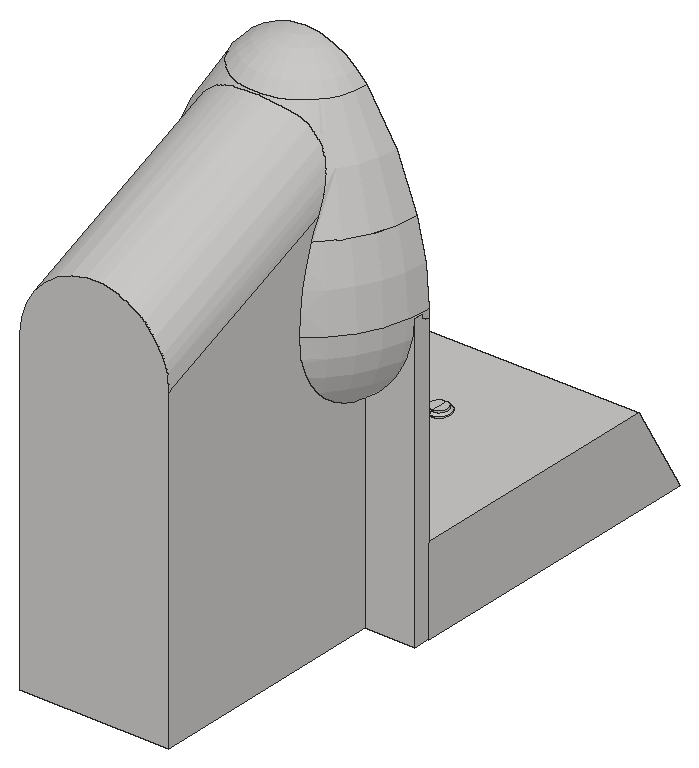
Revit family "LR3334-T-2", category Plumbing Fixtures, host Face, Revit 2018
Family settings
  Host = Face
  Round Connector Dimension = Use Diameter
  Part Type = Normal
  OmniClass Number = 23.45.05.21.11.11
  OmniClass Title = Water Operated Water Closets
  Cut with Voids When Loaded = No
  Shared = Yes
  Room Calculation Point = No
Parameters (values of type "LR3334-T-2")
  Width = 14 1/4"  # constant formula
  Waste Connection = yes
  Warranty Documentation Link = "www.acorneng.com/terms-and-conditions"
  WFU = 10
  W - Wall (Concealed) = no
  Voltage = 0
  Vent Connection = no
  URL = "www.acorneng.com"
  Type Comments = ""
  Thickness / Type:  Concrete Block  Steel = no
  Tempered Water Connection = no
  TWE Toilet Waste Extension (-PE & Rear Mount Only) Specify Length Beyond Fixture: = no
  TSC - Toilet Shipping Cover = no
  TF Transformer, 120VAC to 24VAC (-MVCFV option) = no
  T - Top (Exposed) = yes
  Product Page URL = "https://www.acorneng.com/replacement-lig-res-ss-blowout-jet-toilet-lr3334-series"
  Product Documentation Link = "https://www.acorneng.com/uploads/fileLibrary/LR3334.pdf"
  PE Plain End Waste (Only w/ Rear Mount) = no
  PC Pinned Cleanout Plug (-PE & Rear Mount Only) = no
  Model = "LR3334-T-2"  # constant formula
  Material = Metal Acorn 304 Stainless Steel
  Manufacturer = "Acorn"  # constant formula
  MVCFV - Time-Trol Electronic FV (N/A for Top Supply) = no
  MTPFV Master-Trol® PLUS Electronic Flush Valve (N/A for Top Supply) = no
  Length = 29"  # constant formula
  LR3334 Blowout Jet Toilet (Rear Mounted Replacement) = yes
  Installation Type = "Wall Mounted"  # constant formula
  Inlet Diameter Connection = 1 1/2"
  Height = 15"  # constant formula
  HWFU = 0
  HW Connection = yes
  HPS - High Polish Integral Seat = no
  FVT - Flush Valve Thru Wall Connection = no
  FVH - Flush Valve, Hydraulic (N/A for Top Supply) = no
  FVBO - Flush Valve by Others = no
  FV - Flush Valve, Mechanical (N/A for ADA) = no
  FTE - Flood-Trol, Electronic = no
  FTA - Flood-Trol Auto-Reset (N/A for Top Supply) = no
  FT - Flood-Trol (N/A for Top Supply) = no
  EVSFV - Master-Trol Flush Valve (N/A for Top Supply) = no
  EGE Enviro-Glaze Color Specify: Toilet Exterior Only = no
  EG Enviro-Glaze Color Specify: Toilet Interior & Exterior = no
  Description = "Ligature Resistant Jet Toilet- On The Floor Replacement"
  Default Elevation = 15"
  Creation Date = "4/02/20"  # constant formula
  Connection Size = 2 3/8"
  CWFU = 10
  CW Connection = yes
  COH Cleanout Hook Assembly (-PE & Rear Mount Only) = no
  CO1-3 Cleanout w/ O-Ring Connecting to No-Hub 3” (Plain End) = no
  CO1 Cleanout w/ O-Ring Connecting to No-Hub 4" (Plain End) = no
  CI - Cycle Interrupt for Time-Trol Valves = no
  Assembly Code = "D2010110"
  Amperage = 0
  ADA - 18" Integral Seat Height = no
  3395 - Toilet Anchoring Assembly = no
  2 On-Floor, Wall Outlet = yes
  1.6 GPF (Not Available in California) = no
  1.28 GPF (HET) = no
Reference planes (in)
  plane 1 "Center (Front/Back)": y = 0
  plane 2: z = 0
  plane 3 "Center (Left/Right)": x = 0
  plane 4: y = -15
  plane 5: x = 0
  plane 6: z = 29
  plane 7: x = 7.125
  plane 8: x = -7.125
  plane 9: y = -1
  plane 10: z = -2.75
  plane 11: z = 2.75
  plane 12: z = 5
  plane 13: y = 17.875
  plane 14: y = 15
  plane 15: y = 9.60984
  plane 16: y = 3.75
  plane 17: y = -9.5
  plane 18: x = 4.75
  plane 19: y = 11.5
  plane 20: z = 0.03125
  plane 21: through (0, -15, 22.4608) normal (0, 0.3746, -0.9272)
  plane 22: x = 4.25
Forms (in)
  Revolve 1, solid, material "Metal Acorn 304 Stainless Steel" <- "Material"
    sketch origin (0, 0, 5.22285) x (0, 0, 1) y (1, 0, 0)
      loop
        arc (23.77518, 0) -> (23.24235, 1.99002) -> (21.9104, 3.56163) r 4.70501
        arc (21.9104, 3.56163) -> (19.20724, 5.25341) -> (16.25005, 6.44679) r 18.17867
        arc (16.25005, 6.44679) -> (14.01185, 6.95256) -> (11.72371, 7.125) r 15.62236
        arc (11.72371, 7.125) -> (8.08494, 5.94665) -> (5.83826, 2.85123) r 6.17476
        line (5.83826, 2.85123) -> (5.83826, 0) -> (23.77518, 0)
      axis (23.77518, 0) -> (5.83826, 0)
    angle from 0 to 180
  Revolve 2, void
    sketch origin (0, 0, 0) x (1, 0, 0) y (0, 0, 1)
      loop
        arc (1.65286, 26.13963) -> (0.96864, 26.90371) -> (0, 27.24091) r 2.05081
        line (0, 27.24091) -> (0, 13.45189)
        arc (0, 13.45189) -> (2.33411, 14.04523) -> (3.95651, 15.8251) r 4.192
        arc (3.95651, 15.8251) -> (4.49156, 17.85334) -> (4.23669, 19.93543) r 5.55736
        arc (4.23669, 19.93543) -> (3.07351, 23.09114) -> (1.65286, 26.13963) r 40.55651
      axis (0, 13.45189) -> (0, 27.24091)
    angle from 0 to 360
  Extrusion 3, solid, material "Metal Acorn 304 Stainless Steel" <- "Material"
    sketch origin (-14.37107, -32.5, 1.94576) x (1, 0, 0) y (0, 0, -1)
      loop
        line (7.25633, 1.94576) -> (7.25633, -14.9902) -> (7.29175, -14.9902)
        arc (7.29175, -14.9902) -> (14.33351, -9.25679) -> (21.43313, -14.9184) r 7.23626
        line (21.43313, -14.9184) -> (21.47799, -14.9184) -> (21.47799, 1.94576) -> (7.25633, 1.94576)
    from 31.5 to 32.5
  Extrusion 4, solid, material "Metal Acorn 304 Stainless Steel" <- "Material", visible <- "W - Wall (Concealed)"
    sketch origin (0, 0, 0) x (0, 1, 0) y (0, 0, 1)
      loop
        line (0, 3.7499) -> (0, 0) -> (3.7499, 0) -> (0, 3.7499)
    from -7.125 to 7.125
  Revolve 5, solid, material "Metal Acorn 304 Stainless Steel" <- "Material"
    sketch origin (0, 0, -0.125) x (0, 1, 0) y (0, 0, 1)
      loop
        line (0.40854, 2.875) -> (0, 2.875) -> (0, 1.875) -> (0.22395, 1.875) -> (0.22395, 2.04586) -> (0.28612, 2.04586) -> (0.28612, 2.29586) -> (0.40854, 2.29586) -> (0.40854, 2.875)
      axis (0.40854, 2.875) -> (0, 2.875)
    angle from 0 to 360
  Extrusion 6, solid, material "Metal Acorn 304 Stainless Steel" <- "Material", visible <- "T - Top (Exposed)"
    sketch origin (0, 0, 0) x (0, 1, 0) y (0, 0, 1)
      loop
        line (0, 0) -> (17.88675, 0) -> (15, 5) -> (0, 5) -> (0, 0)
    from -7.125 to 7.125
  Revolve 7, solid, material "Metal Acorn 304 Stainless Steel" <- "Material", visible <- "T - Top (Exposed)"
    sketch origin (0, 6.70099, 3.05319) x (0, 1, 0) y (0, 0, 1)
      loop
        line (2.90884, 2.19681) -> (2.90884, 1.94681) -> (3.57498, 1.94681) -> (3.57498, 1.99707) -> (3.41686, 2.13714) -> (3.41686, 2.19681) -> (2.90884, 2.19681)
      axis (2.90884, 2.19681) -> (2.90884, 1.94681)
    angle from 0 to 360
  Extrusion 8, solid, not visible
    sketch origin (0, 0, 0) x (1, 0, 0) y (0, 1, 0)
      loop
        circle (0, -9.5) r 1.1875
      loop
        circle (4.75, 11.5) r 0.5
    from 0 to 0.03125
  Blend 9, solid, material "Metal Acorn 304 Stainless Steel" <- "Material"
    base sketch origin (0, 0, 5.22285) x (0, 0, 1) y (1, 0, 0)
      loop
        line (18.64113, 4.25308) -> (-5.22285, 4.25308) -> (-5.22285, -4.25308) -> (18.64113, -4.25308)
        arc (18.64113, -4.25308) -> (22.89421, 0) -> (18.64113, 4.25308) r 4.25308
    top sketch origin (0, 0, 5.22285) x (0, 0, 1) y (1, 0, 0)
      loop
        line (12.98488, 4.25308) -> (-5.22285, 4.25308) -> (-5.22285, -4.25308) -> (12.98488, -4.25308)
        arc (12.98488, -4.25308) -> (17.23796, 0) -> (12.98488, 4.25308) r 4.25308
    from -1 to -15
Cuts and joins
  joined: Extrusion 6, Revolve 7
  Revolve 2 cuts Revolve 1
  Revolve 2 cuts Blend 9
  joined: Revolve 1, Extrusion 3, Blend 9
Lines and regions (in)
  Masking region 1
    outline origin (-14.37107, -32.5, 1.94576) x (1, 0, 0) y (0, 0, -1)
      loop
        line (21.47799, -14.22223) -> (21.47799, 1.94576) -> (7.25633, 1.94576) -> (7.25633, -15.5408)
        arc (7.25633, -15.5408) -> (7.46084, -17.55566) -> (7.92428, -19.52714) r 15.62236
        arc (7.92428, -19.52714) -> (9.11766, -22.48433) -> (10.80943, -25.18748) r 18.17867
        arc (10.80943, -25.18748) -> (12.38105, -26.51944) -> (14.37107, -27.05227) r 4.70501
        arc (14.37107, -27.05227) -> (16.36109, -26.51944) -> (17.9327, -25.18748) r 4.70501
        arc (17.9327, -25.18748) -> (19.62448, -22.48433) -> (20.81786, -19.52714) r 18.17867
        arc (20.81786, -19.52714) -> (21.37652, -16.90313) -> (21.47799, -14.22223) r 15.62236
  symbolic lines, detail levels medium+fine
    curve 1: arc (4.23669, -32.5, 19.93543) -> (3.07351, -32.5, 23.09114) -> (1.65286, -32.5, 26.13963) r 40.55651
    curve 2: arc (1.65286, -32.5, 26.13963) -> (0.96864, -32.5, 26.90371) -> (0, -32.5, 27.24091) r 2.05081
    curve 3: arc (0, -32.5, 27.24091) -> (-0.96864, -32.5, 26.90371) -> (-1.65286, -32.5, 26.13963) r 2.05081
    curve 4: arc (-1.65286, -32.5, 26.13963) -> (-3.07351, -32.5, 23.09114) -> (-4.23669, -32.5, 19.93543) r 40.55651
    curve 5: arc (-4.23669, -32.5, 19.93543) -> (-4.49156, -32.5, 17.85334) -> (-3.95651, -32.5, 15.8251) r 5.55736
    curve 6: arc (-3.95651, -32.5, 15.8251) -> (-2.33411, -32.5, 14.04523) -> (0, -32.5, 13.45189) r 4.192
    curve 7: arc (0, -32.5, 13.45189) -> (2.33411, -32.5, 14.04523) -> (3.95651, -32.5, 15.8251) r 4.192
    curve 8: arc (3.95651, -32.5, 15.8251) -> (4.49156, -32.5, 17.85334) -> (4.23669, -32.5, 19.93543) r 5.55736
  symbolic lines, visible <- "T - Top (Exposed)", detail levels medium+fine
    curve 9: line (7.125, -32.5, 5) -> (-7.125, -32.5, 5)
  symbolic lines, visible <- "W - Wall (Concealed)", detail levels medium+fine
    curve 10: line (7.125, -32.5, 3.7499) -> (-7.125, -32.5, 3.7499)
Dimensions and locks (in)
  Revolve 1 to plane 4 = 15"
  equal spacing: plane 7, plane 3 "Center (Left/Right)", plane 8
  plane 7 to plane 8 = 14 1/4"
  locked: plane 13 to plane 1 "Center (Front/Back)" at 17.875
  locked: plane 14 to plane 1 "Center (Front/Back)" at 15
  locked: plane 12 to host face at 5
  plane 16 to plane 4 = 18 3/4"
  locked: plane 20 to level at 0.03125
  locked: plane 3 "Center (Left/Right)" to plane 22 at 4.25
  plane 4 to plane 17 = 5 1/2"
  plane 1 "Center (Front/Back)" to plane 19 = 11 1/2"
  Revolve 7 sketch curve to Revolve 7 sketch curve = 0.04467"
  diameter of Extrusion 8 sketch curve = 2 3/8"
  angle Extrusion 6 sketch curve to Extrusion 6 sketch curve = 60.00°
  angle plane 4 to plane 21 = 68.00°
  aligned and locked: plane 2 to host face
  aligned and locked: level to host face
  aligned and locked: plane 5 to Revolve 1 sketch curve  (x2)
  aligned and locked: Extrusion 3 to plane 1 "Center (Front/Back)"
  aligned and locked: plane 12 to Extrusion 6 sketch curve
  aligned and locked: Extrusion 6 sketch curve to plane 1 "Center (Front/Back)"
  aligned and locked: plane 14 to Extrusion 6 sketch curve
  aligned and locked: host face to Extrusion 6 sketch curve
  aligned and locked: plane 3 "Center (Left/Right)" to Revolve 7
  aligned and locked: plane 3 "Center (Left/Right)" to Revolve 5
  aligned and locked: host face to Masking region 1 sketch curve
  aligned and locked: Extrusion 8 to level
  aligned and locked: plane 20 to Extrusion 8
Automatic sketch dimensions
  host sketch curve to host sketch curve = 96"  (x2)
  Revolve 1 sketch curve to plane 7 = 0"  (x2)
  Revolve 1 sketch curve to plane 11 = 8.31111"
  Revolve 1 sketch curve to plane 8 = 3.81766"
  Revolve 1 sketch curve to Revolve 1 sketch curve = 5.11361"
  Revolve 1 sketch curve to plane 8 = 1.37234"
  Revolve 1 sketch curve to Revolve 1 sketch curve = 0.74503"
  plane 3 "Center (Left/Right)" to Revolve 1 sketch curve = 0.95025"
  Revolve 1 sketch curve to Revolve 1 sketch curve = 5.87486"
  Revolve 1 sketch curve to plane 3 "Center (Left/Right)" = 0.19237"
  Revolve 1 sketch curve to plane 6 = 4.70305"
  Revolve 1 sketch curve to plane 6 = 0.00197"
  Revolve 1 sketch curve to Revolve 1 sketch curve = 0"
  plane 6 to Revolve 1 sketch curve = 2.23409"
  Revolve 1 sketch curve to Revolve 1 sketch curve = 2.07495"
  Revolve 2 sketch curve to plane 3 "Center (Left/Right)" = 0"  (x2)
  Revolve 2 sketch curve to plane 3 "Center (Left/Right)" = 0.1685"
  Revolve 2 sketch curve to plane 3 "Center (Left/Right)" = 1.05293"
  Revolve 2 sketch curve to plane 11 = 4.7489"
  Revolve 2 sketch curve to plane 8 = 27.24094"
  plane 3 "Center (Left/Right)" to Revolve 2 sketch curve = 0.17781"
  Revolve 2 sketch curve to plane 11 = 10.70189"
  Revolve 2 sketch curve to Revolve 2 sketch curve = 4.18823"
  Revolve 2 sketch curve to Revolve 2 sketch curve = 0.59116"
  Revolve 2 sketch curve to plane 6 = 3.80297"
  Revolve 2 sketch curve to plane 6 = 1.75909"
  Revolve 2 sketch curve to Revolve 2 sketch curve = 0"  (x2)
  plane 6 to Revolve 2 sketch curve = 1"
  Revolve 2 sketch curve to Revolve 2 sketch curve = 1"
  Extrusion 4 sketch curve to plane 1 "Center (Front/Back)" = 0"
  Extrusion 4 sketch curve to level = 0"
  Revolve 5 sketch curve to plane 1 "Center (Front/Back)" = 0"
  plane 11 to Revolve 5 sketch curve = 0"  (x2)
  Revolve 5 sketch curve to plane 1 "Center (Front/Back)" = 0.22395"
  Revolve 5 sketch curve to Revolve 5 sketch curve = 0.06217"
  Revolve 5 sketch curve to Revolve 5 sketch curve = 0.12242"
  plane 11 to Revolve 5 sketch curve = 0.57914"
  Revolve 5 sketch curve to Revolve 5 sketch curve = 1/4"
  Revolve 5 sketch curve to Revolve 5 sketch curve = 0.17086"
  Revolve 5 sketch curve to Revolve 5 sketch curve = 0.1698"
  Revolve 5 sketch curve to Revolve 5 sketch curve = 1 1/4"
  Extrusion 3 sketch curve to plane 7 = 0.01808"
  plane 8 to Extrusion 3 sketch curve = 0.04568"
  Extrusion 3 sketch curve to plane 3 "Center (Left/Right)" = 0.00081"
  Extrusion 3 sketch curve to plane 7 = 0.06293"
  Extrusion 3 sketch curve to plane 6 = 12.13584"
  Extrusion 3 sketch curve to Extrusion 3 sketch curve = 0.0718"
  plane 8 to Extrusion 3 sketch curve = 0.01026"
  Extrusion 3 sketch curve to level = 0"
  Masking region 1 sketch curve to plane 6 = 11.51344"
  plane 7 to Masking region 1 sketch curve = 1.37234"
  Masking region 1 sketch curve to Masking region 1 sketch curve = 0.75176"
  plane 8 to Masking region 1 sketch curve = 0.67821"
  Masking region 1 sketch curve to plane 8 = 1.37234"
  Masking region 1 sketch curve to Masking region 1 sketch curve = 0.5668"
  Masking region 1 sketch curve to plane 7 = 0.67821"
  Masking region 1 sketch curve to Masking region 1 sketch curve = 2 57/128"
  plane 3 "Center (Left/Right)" to Masking region 1 sketch curve = 3.56163"
  Masking region 1 sketch curve to Masking region 1 sketch curve = 0"  (x4)
  Masking region 1 sketch curve to plane 3 "Center (Left/Right)" = 0"
  Masking region 1 sketch curve to plane 3 "Center (Left/Right)" = 0.19237"
  plane 3 "Center (Left/Right)" to Masking region 1 sketch curve = 0.19237"
  Masking region 1 sketch curve to plane 6 = 1.86676"
  Masking region 1 sketch curve to Masking region 1 sketch curve = 3.83574"
  plane 16 to Extrusion 4 sketch curve = 0.0001"
  Extrusion 4 sketch curve to plane 11 = 0.9999"
  curve 9 to plane 8 = 0"
  curve 10 to plane 8 = 0"
  curve 7 to plane 3 "Center (Left/Right)" = 0"
  curve 3 to plane 3 "Center (Left/Right)" = 0"
  curve 10 to plane 7 = 0"
  curve 9 to plane 7 = 0"
  curve 1 to plane 11 = 4.7489"
  curve 1 to plane 8 = 27.24094"
  curve 8 to plane 3 "Center (Left/Right)" = 1.05293"
  curve 6 to plane 3 "Center (Left/Right)" = 0.17781"
  curve 2 to plane 3 "Center (Left/Right)" = 0.1685"
  plane 3 "Center (Left/Right)" to curve 3 = 0.1685"
  plane 3 "Center (Left/Right)" to curve 7 = 0.17781"
  plane 3 "Center (Left/Right)" to curve 5 = 1.05293"
  curve 4 to plane 11 = 4.7489"
  plane 7 to curve 4 = 27.24094"
  curve 7 to plane 6 = 11.35988"
  curve 6 to curve 7 = 0"
  curve 8 to curve 6 = 0.59116"
  curve 5 to curve 7 = 0.59116"
  curve 3 to plane 6 = 3.80297"
  curve 2 to curve 3 = 0"
  plane 8 to curve 4 = 2.88831"
  curve 5 to curve 4 = 0"
  curve 6 to curve 5 = 0"
  curve 3 to curve 4 = 0"
  curve 1 to curve 2 = 0"
  curve 8 to curve 7 = 0"
  curve 9 to plane 11 = 2 1/4"
  curve 10 to plane 11 = 0.9999"
  Extrusion 8 sketch curve to plane 3 "Center (Left/Right)" = 0"
  Extrusion 8 sketch curve to plane 18 = 0"
  plane 17 to Extrusion 8 sketch curve = 0"
  plane 19 to Extrusion 8 sketch curve = 0"
  Blend 9 sketch curve to level = 0"  (x2)
  Blend 9 sketch curve to plane 3 "Center (Left/Right)" = 0"  (x2)
  Blend 9 sketch curve to plane 6 = 5.13602"
  plane 8 to Blend 9 sketch curve = 2.87192"  (x2)
  Blend 9 sketch curve to plane 6 = 10.79227"
  plane 8 to Masking region 1 sketch curve = 0.01026"
  Masking region 1 sketch curve to plane 7 = 0.01808"
  Revolve 7 sketch curve to plane 15 = 0"  (x2)
  plane 15 to Revolve 7 sketch curve = 0.50802"
  Revolve 7 sketch curve to Revolve 7 sketch curve = 0.15812"
  Revolve 7 sketch curve to plane 11 = 2 1/4"
  Revolve 7 sketch curve to Revolve 7 sketch curve = 0.05027"
  Revolve 7 sketch curve to Revolve 7 sketch curve = 0.14006"
  Revolve 7 sketch curve to Revolve 7 sketch curve = 0.32834"
  Revolve 7 sketch curve to Revolve 7 sketch curve = 1 1/4"
  radius of Extrusion 8 sketch curve = 1/2"
Connectors (in)
  piping at (0, -9.5, 0), diameter 2.375, driven by "WFU", driven by "Connection Size"
    settings: on Extrusion 8, index 1, connector inside diameter 24", connector length 0", flow factor 0, pipe flow 0 GPM, pressure drop 0.00 psi, fitting loss kfactor 0, connector angle 0.00°, fixture units 10, engagement length 0", angle of deflection 0.00°, flow configuration 3, flow direction 2, fitting loss method 0, system type 16, joint type 0, gender type 0, connector reference index -1, connector utility 0, adjustable connector yes, is connector primary yes, connector description "2 3/8” OD With Gasketed Waste Connection"
  piping at (4.75, 11.5, 0), diameter 1.5, driven by "Inlet Diameter Connection", driven by "CWFU"
    settings: on Extrusion 8, index 2, connector inside diameter 24", connector length 0", flow factor 0, pipe flow 0 GPM, pressure drop 0.00 psi, fitting loss kfactor 0, connector angle 0.00°, fixture units 10, engagement length 0", angle of deflection 0.00°, flow configuration 3, flow direction 1, fitting loss method 0, system type 20, joint type 0, gender type 0, connector reference index -1, connector utility 0, adjustable connector no, is connector primary no, connector description "1-1/2” NPT Flushing Inlet Connection"
